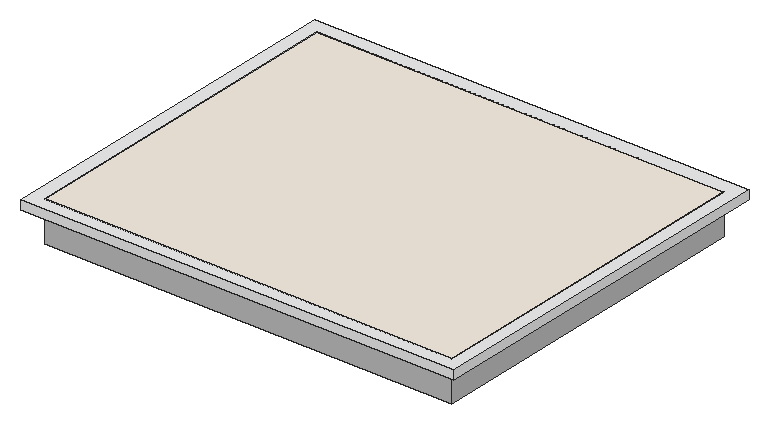
Revit family "Lighting-Industrial-GEWISS-ELIA-HL-LED_HIGHBAY", category Apparecchi per illuminazione, host Superficie, Revit 2019 (continued)
Parameters (values of type "GWF1001QM840 - ELIA HL L2 120° 4000K S.ALONE DALI")
    8 865.90 807.52 752.36 700.42 650.72 \r\n602.14 555.10 510.16 466.76 424.62 384.72 348.46 314.02 \r\n280.17 248.14 219.58 193.05 167.38 143.43 121.87 102.05 \r\n83.24 66.28 51.70 39.35 29.28 21.38 15.68 11.84 9.49 8.77 \r\n8142.40 8142.40 8142.40 8145.20 8145.20 8148.00 8149.40 \r\n8152.20 8155.00 8159.20 8163.40 8167.60 8173.20 8180.20 \r\n8185.80 8192.80 8199.80 8208.20 8216.60 8225.00 8234.80 \r\n8243.20 8251.60 8260.00 8269.80 8278.20 8286.60 8295.00 \r\n8303.40 8311.80 8318.80 8327.20 8335.60 8344.00 8352.40 \r\n8362.20 8370.60 8380.40 8390.20 8400.00 8411.20 8421.00 \r\n8432.20 8444.80 8457.40 8468.60 8482.60 8496.60 8510.60 \r\n8524.60 8538.60 8552.60 8566.60 8577.80 8589.00 8601.60 \r\n8612.80 8621.20 8629.60 8638.00 8646.40 8652.00 8656.20 \r\n8661.80 8664.60 8666.00 8667.40 8667.40 8666.00 8663.20 \r\n8660.40 8654.80 8646.40 8636.60 8626.80 8615.60 8601.60 \r\n8586.20 8569.40 8549.80 8528.80 8506.40 8482.60 8457.40 \r\n8429.40 8398.60 8367.80 8334.20 8300.60 8264.20 8223.60 \r\n8181.60 8135.40 8078.00 8013.60 7938.00 7854.00 7758.80 \r\n7655.20 7541.80 7424.20 7308.00 7189.00 7067.20 6937.00 \r\n6794.20 6641.60 6483.40 6316.80 6144.60 5966.80 5783.40 \r\n5597.20 5416.60 5240.20 5068.00 4900.00 4733.40 4569.60 \r\n4407.20 4246.20 4089.40 3936.80 3782.80 3634.40 3488.80 \r\n3346.00 3204.60 3067.40 2934.40 2807.00 2677.22 2550.52 \r\n2427.46 2308.32 2193.80 2082.22 1970.64 1862.00 1759.52 \r\n1660.12 1561.56 1465.80 1375.08 1288.70 1207.78 1131.34 \r\n1058.96 990.36 925.40 863.80 805.70 750.68 698.74 649.04 \r\n600.74 553.98 509.18 465.92 423.64 383.60 347.62 313.46 \r\n279.38 247.21 218.61 192.11 166.57 142.79 121.34 101.61 \r\n82.92 66.05 51.58 39.30 29.29 21.41 15.67 11.79 9.45 8.76 \r\n8142.40 8142.40 8142.40 8145.20 8145.20 8148.00 8149.40 \r\n8152.20 8155.00 8159.20 8163.40 8167.60 8173.20 8178.80 \r\n8187.20 8192.80 8201.20 8208.20 8216.60 8226.40 8234.80 \r\n8243.20 8251.60 8260.00 8269.80 8278.20 8286.60 8295.00 \r\n8303.40 8311.80 8320.20 8327.20 8335.60 8344.00 8352.40 \r\n8360.80 8370.60 8379.00 8390.20 8400.00 8411.20 8421.00 \r\n8432.20 8444.80 8456.00 8470.00 8481.20 8496.60 8510.60 \r\n8524.60 8540.00 8554.00 8566.60 8579.20 8590.40 8603.00 \r\n8612.80 8622.60 8631.00 8638.00 8646.40 8652.00 8656.20 \r\n8661.80 8664.60 8666.00 8668.80 8667.40 8666.00 8663.20 \r\n8659.00 8653.40 8646.40 8636.60 8625.40 8614.20 8600.20 \r\n8584.80 8568.00 8548.40 8528.80 8505.00 8482.60 8454.60 \r\n8426.60 8398.60 8367.80 8334.20 8299.20 8264.20 8225.00 \r\n8183.00 8135.40 8078.00 8013.60 7939.40 7858.20 7761.60 \r\n7658.00 7541.80 7424.20 7306.60 7189.00 7067.20 6937.00 \r\n6794.20 6640.20 6482.00 6315.40 6146.00 5969.60 5784.80 \r\n5600.00 5418.00 5241.60 5068.00 4900.00 4734.80 4571.00 \r\n4407.20 4246.20 4090.80 3936.80 3785.60 3635.80 3490.20 \r\n3347.40 3204.60 3066.00 2935.80 2807.00 2678.06 2550.24 \r\n2425.50 2304.68 2189.60 2078.02 1966.58 1858.50 1756.02 \r\n1656.76 1558.34 1462.86 1371.86 1285.62 1204.84 1128.68 \r\n1056.44 987.98 923.02 861.70 803.88 749.14 697.34 647.50 \r\n599.34 552.86 508.20 465.08 422.66 382.76 346.78 312.90 \r\n278.68 246.34 217.67 191.20 165.79 142.17 120.83 101.21 \r\n82.63 65.83 51.44 39.23 29.29 21.44 15.66 11.74 9.40 8.74 \r\n8142.40 8142.40 8142.40 8145.20 8145.20 8148.00 8149.40 \r\n8152.20 8155.00 8159.20 8162.00 8167.60 8173.20 8178.80 \r\n8187.20 8192.80 8201.20 8209.60 8218.00 8226.40 8234.80 \r\n8243.20 8251.60 8261.40 8271.20 8279.60 8288.00 8296.40 \r\n8303.40 8311.80 8320.20 8327.20 8335.60 8344.00 8352.40 \r\n8360.80 8370.60 8379.00 8390.20 8400.00 8409.80 8421.00 \r\n8432.20 8443.40 8456.00 8468.60 8482.60 8496.60 8510.60 \r\n8526.00 8540.00 8554.00 8568.00 8579.20 8591.80 8603.00 \r\n8614.20 8622.60 8631.00 8639.40 8645.00 8653.40 8657.60 \r\n8661.80 8664.60 8666.00 8668.80 8667.40 8666.00 8663.20 \r\n8657.60 8652.00 8646.40 8636.60 8625.40 8611.40 8598.80 \r\n8583.40 8566.60 8548.40 8527.40 8505.00 8481.20 8454.60 \r\n8426.60 8397.20 8365.00 8332.80 8299.20 8262.80 8225.00 \r\n8184.40 8136.80 8079.40 8013.60 7940.80 7859.60 7763.00 \r\n7658.00 7543.20 7424.20 7308.00 7189.00 7065.80 6935.60 \r\n6791.40 6640.20 6479.20 6315.40 6146.00 5969.60 5787.60 \r\n5601.40 5419.40 5240.20 5069.40 4901.40 4734.80 4571.00 \r\n4407.20 4247.60 4092.20 3938.20 3787.00 3635.80 3490.20 \r\n3347.40 3204.60 3066.00 2937.20 2808.40 2678.62 2549.96 \r\n2423.68 2301.46 2185.96 2073.96 1963.08 1855.42 1752.94 \r\n1653.82 1555.54 1460.20 1369.06 1282.68 1202.18 1126.30 \r\n1054.20 985.88 921.06 859.88 802.34 747.74 695.80 646.24 \r\n598.08 551.88 507.36 464.38 421.96 381.78 346.08 312.34 \r\n278.05 245.55 216.83 190.37 165.09 141.61 120.37 100.84 \r\n82.35 65.65 51.32 39.17 29.27 21.46 15.65 11.69 9.36 8.73 \r\n8142.40 8142.40 8142.40 8145.20 8145.20 8148.00 8148.00 \r\n8150.80 8155.00 8159.20 8162.00 8167.60 8173.20 8178.80 \r\n8187.20 8192.80 8201.20 8209.60 8218.00 8226.40 8234.80 \r\n8243.20 8251.60 8262.80 8271.20 8279.60 8288.00 8296.40 \r\n8304.80 8311.80 8318.80 8327.20 8335.60 8344.00 8352.40 \r\n8360.80 8369.20 8380.40 8390.20 8400.00 8409.80 8421.00 \r\n8432.20 8443.40 8456.00 8468.60 8482.60 8496.60 8512.00 \r\n8526.00 8540.00 8554.00 8568.00 8579.20 8591.80 8603.00 \r\n8614.20 8622.60 8631.00 8639.40 8646.40 8652.00 8657.60 \r\n8661.80 8666.00 8666.00 8668.80 8667.40 8666.00 8663.20 \r\n8657.60 8652.00 8645.00 8635.20 8624.00 8611.40 8597.40 \r\n8583.40 8566.60 8547.00 8526.00 8505.00 8481.20 8454.60 \r\n8426.60 8395.80 8365.00 8332.80 8297.80 8262.80 8226.40 \r\n8184.40 8136.80 8079.40 8015.00 7942.20 7861.00 7764.40 \r\n7660.80 7544.60 7425.60 7308.00 7187.60 7065.80 6934.20 \r\n6790.00 6637.40 6477.80 6314.00 6146.00 5972.40 5787.60 \r\n5602.80 5419.40 5240.20 5069.40 4901.40 4736.20 4571.00 \r\n4408.60 4249.00 4092.20 3939.60 3788.40 3637.20 3491.60 \r\n3348.80 3206.00 3066.00 2937.20 2809.80 2679.18 2549.82 \r\n2422.14 2298.52 2182.60 2070.74 1960.00 1852.62 1750.42 \r\n1651.30 1553.16 1457.82 1366.68 1280.30 1199.94 1124.20 \r\n1052.10 983.92 919.38 858.34 800.94 746.48 694.68 644.98 \r\n597.10 550.90 506.66 463.82 421.26 381.08 345.52 311.92 \r\n277.51 244.87 216.12 189.67 164.50 141.13 119.98 100.52 \r\n82.11 65.49 51.20 39.10 29.26 21.48 15.64 11.64 9.32 8.71 \r\n8142.40 8142.40 8142.40 8145.20 8145.20 8148.00 8148.00 \r\n8150.80 8156.40 8159.20 8162.00 8167.60 8173.20 8178.80 \r\n8187.20 8192.80 8201.20 8209.60 8218.00 8226.40 8234.80 \r\n8243.20 8251.60 8262.80 8271.20 8279.60 8288.00 8296.40 \r\n8304.80 8313.20 8318.80 8327.20 8335.60 8344.00 8352.40 \r\n8360.80 8369.20 8380.40 8388.80 8400.00 8411.20 8419.60 \r\n8430.80 8444.80 8456.00 8470.00 8484.00 8498.00 8512.00 \r\n8526.00 8540.00 8554.00 8568.00 8579.20 8593.20 8604.40 \r\n8612.80 8624.00 8632.40 8638.00 8646.40 8652.00 8657.60 \r\n8663.20 8666.00 8666.00 8668.80 8666.00 8666.00 8663.20 \r\n8657.60 8652.00 8643.60 8635.20 8624.00 8610.00 8596.00 \r\n8582.00 8565.20 8545.60 8526.00 8503.60 8481.20 8453.20 \r\n8425.20 8394.40 8363.60 8330.00 8296.40 8262.80 8226.40 \r\n8184.40 8136.80 8080.80 8016.40 7943.60 7859.60 7767.20 \r\n7660.80 7546.00 7425.60 7308.00 7187.60 7064.40 6935.60 \r\n6790.00 6636.00 6476.40 6314.00 6146.00 5972.40 5790.40 \r\n5602.80 5420.80 5241.60 5070.80 4902.80 4734.80 4572.40 \r\n4410.00 4247.60 4093.60 3939.60 3788.40 3640.00 3491.60 \r\n3348.80 3206.00 3066.00 2937.20 2811.20 2679.60 2549.40 \r\n2420.88 2296.28 2179.80 2068.08 1957.48 1850.52 1748.60 \r\n1649.48 1551.20 1456.28 1365.00 1278.48 1198.12 1122.80 \r\n1050.56 982.52 918.12 857.08 799.96 745.64 693.84 644.00 \r\n596.40 550.20 506.24 463.40 420.84 380.52 344.96 311.64 \r\n277.09 244.36 215.54 189.11 164.02 140.76 119.67 100.27 \r\n81.93 65.35 51.13 39.06 29.23 21.48 15.63 11.61 9.28 8.71 \r\n"
  built-in parameter 1150137 = (empty or 0)
  built-in parameter 1150132 = (empty or 0)
  Luminous flux in emerg. [lm] = ""
  Lumen output (lm) = "28000"
  Lamp = "LED"
  LUNGHEZZA FORO = 968.572 mm
  LED Life time (L80B50) = "L80 B50 (Tq25°) = 50.000h"
  LARGHEZZA_FORO = 820.364 mm
  built-in parameter 1150105 = 109.82 (stored number, unit not read)
  built-in parameter 1150102 = (empty or 0)
  Insulation class = "I"
  Installation = "Ceiling"
  built-in parameter 1150106 = 1.0982 (stored number, unit not read)
  Default Elevation = 1219.2 mm
  Produttore = "GEWISS S.p.A."
  Nome quadro [instance] = "330W"
  Model = "GWF1001QM840"
  L_lampada = 1500 mm
  Immagine tipo = ELIA_HL.jpg
  IP degree = "IP65"
  IDT = "cac31452-bafc-4473-b367-6af6b8d20e56"
  IDF = "ffbec63c-15cf-4fde-9937-e2bbef50eb56"
  Lumens = 1380 lm
  Color Filter = 16777215
  File diagramma fotometrico = "GWF1001QM840.IES"
  built-in parameter 1114217 = 1 (stored number, unit not read)
  built-in parameter 1150139 = (empty or 0)
  FORO_CONTROSOFFITTO = 80 mm  # constant formula
  Emit from Line Length = 609.6 mm
  Electrocod = ""
  Efficiency class of integrated LEDs = ""
  built-in parameter 1150104 = 13.8 (stored number, unit not read)
  EAN code = ""
  Driver type = ""
  Distanza dal host [instance] = 0 mm
  built-in parameter 1150115 = 1 (stored number, unit not read)
  built-in parameter 1150114 = 1 (stored number, unit not read)
  built-in parameter 1150113 = 1 (stored number, unit not read)
  Dimensions (mm) = "Standard"
  Description = "ELIA HL L2 120° 4000K S.ALONE DALI"
  Colour temperature: = "4000K"
  Colour temperature = "4000K"
  Colour = "Black"
  built-in parameter 1150134 = 12
  built-in parameter 1150138 = (empty or 0)
  Catalogue Range = "ELIA HL"
  Catalogue = "LIGHTING"
  COBie.Tagnumber = ""
  COBie.CreatedOn = ""
  COBie.CreatebBy = ""
  COBie.ComponentRegisterItemID = ""
  COBie.Component.TagNumber = ""
  COBie.Component.Space = ""
  COBie.Component.SerialNumber = ""
  COBie.Component.InstallationDate = ""
  COBie.Component.Description = ""
  COBie.Component.BarCode = ""
  BORDO = BORDO
  Application = "Indoor / Outdoor"
  Tilt Angle = -90.00°
  built-in parameter 1150133 = 10 (stored number, unit not read)
  Spostamento_y_effettivo_ET = 3500 mm
Reference planes
  plane 1 "Centro (Fronte/Retro)": y = 0
  plane 2: z = 0
  plane 3 "Centro (Sinistra/Destra)": x = 0
  plane 4: x = -3990
  plane 5: x = 10
  plane 6: x = 10
  plane 7: z = 1200
  plane 8: y = -4000
  plane 9: y = 0
  plane 10: x = -484.286
  plane 11: y = -410.182
  plane 12: x = 484.286
  plane 13: y = 410.182
  plane 14: z = -80
  plane 15: through (484.286, -410.182, 1219.2) normal (-0.5299, -0.848, 0)
  plane 16: through (-523.043, -410.182, 1219.2) normal (-0.866, 0.5, 0)
  plane 17: through (-493.043, 567.147, 1219.2) normal (0.309, 0.9511, 0)
  plane 18: through (454.286, 567.147, 1219.2) normal (0.9848, -0.1736, 0)
  plane 19: y = -247.252
  plane 20: y = -305.509
  plane 21: y = -363.766
  plane 22: y = -500
  plane 23: x = -245.872
Forms (mm)
  Extrusion 1, void
    sketch origin (0, 0, 0) x (1, 0, 0) y (0, 1, 0)
      loop
        line (-484.286, 410.182) -> (-484.286, -410.182) -> (484.286, -410.182) -> (484.286, 410.182) -> (-484.286, 410.182)
    from -80 to 0
Lines and regions (mm)
  symbolic lines, visible <- "Visibilità lampada in pianta"
    curve 1: line (-484.286, 410.182, 0) -> (484.286, 410.182, 0)
    curve 2: line (-484.286, -410.182, 0) -> (-484.286, 410.182, 0)
    curve 3: line (484.286, -410.182, 0) -> (-484.286, -410.182, 0)
    curve 4: line (484.286, 410.182, 0) -> (484.286, -410.182, 0)
    curve 5: line (-454.286, 380.182, 0) -> (454.286, 380.182, 0)
    curve 6: line (-454.286, -380.182, 0) -> (-454.286, 380.182, 0)
    curve 7: line (454.286, -380.182, 0) -> (-454.286, -380.182, 0)
    curve 8: line (454.286, 380.182, 0) -> (454.286, -380.182, 0)
  symbolic lines, visible <- "Visibilità lampada in pianta", not visible
    curve 9: line (-484.286, 410.182, 0) -> (484.286, 410.182, 0)
    curve 10: line (-484.286, -410.182, 0) -> (-484.286, 410.182, 0)
    curve 11: line (484.286, -410.182, 0) -> (-484.286, -410.182, 0)
    curve 12: line (484.286, 410.182, 0) -> (484.286, -410.182, 0)
    curve 13: line (-454.286, 380.182, 0) -> (454.286, 380.182, 0)
    curve 14: line (-454.286, -380.182, 0) -> (-454.286, 380.182, 0)
    curve 15: line (454.286, -380.182, 0) -> (-454.286, -380.182, 0)
    curve 16: line (454.286, 380.182, 0) -> (454.286, -380.182, 0)
Text (mm)
  text "N=C*V" at (704.329, 1512.981, 0), in view "Livello rif."
Dimensions and locks
  plane 4 to plane 3 "Centro (Sinistra/Destra)" = 3990 mm  (x2)
  "Spostamento_x_effettivo": plane 4 to plane 5
  "Spostamento_x_effettivo": plane 6 to plane 4
  plane 7 to plane 2 = 1200 mm
  "Spostamento_y_effettivo": plane 9 to plane 8
  plane 1 "Centro (Fronte/Retro)" to plane 8 = 4000 mm
  equal spacing: plane 10, plane 3 "Centro (Sinistra/Destra)", plane 12
  equal spacing: plane 13, plane 1 "Centro (Fronte/Retro)", plane 11
  "FORO_CONTROSOFFITTO": level to plane 14
  "LUNGHEZZA FORO": plane 10 to plane 12
  "LARGHEZZA_FORO": plane 13 to plane 11
  equal spacing: plane 19, plane 20, plane 21
  plane 13 to nested 4 = 610.791 mm
  "Spostamento_y_effettivo_ET": plane 22 to plane 8
  "Spostamento_x_effettivo_ET": plane 4 to plane 23
  angle plane 15 to plane 17 = 14.00°
  angle plane 16 to plane 17 = 102.00°
  angle plane 17 to nested 3 = 18.00°
  angle plane 18 to plane 15 = 68.00°  (x2)
  aligned and locked: plane 2 to host face
  aligned and locked: level to host face
  aligned and locked: nested 2 to plane 1 "Centro (Fronte/Retro)"
  aligned and locked: Extrusion 1 sketch curve to plane 10
  aligned and locked: Extrusion 1 sketch curve to plane 13
  aligned and locked: Extrusion 1 sketch curve to plane 12
  aligned and locked: Extrusion 1 sketch curve to plane 11
  aligned and locked: level to Extrusion 1
  aligned and locked: Extrusion 1 to plane 14
  aligned and locked: plane 3 "Centro (Sinistra/Destra)" to nested 3
  aligned and locked: nested 3 to plane 1 "Centro (Fronte/Retro)"
  aligned and locked: plane 6 to nested 4
  aligned and locked: nested 4 to plane 9
  aligned and locked: nested 1 to plane 22
  aligned and locked: plane 23 to nested 1
Automatic sketch dimensions
  host sketch curve to host sketch curve = 2438.4 mm  (x2)
Nested families
  nested 1: "Etichetta light" at (-245.872, -500, 0), visible <- "Visibilità etichetta", type "Etichetta light"
  nested 2: "SIMB_2D" at (0, 0, 110.443) x (0, 0, 1) z (1, 0, 0), visible <- "Visibilità simbolo", type "SIMB_2D"
  nested 3: "Elia WL base" at (0, 0, 0) x (1, 0, 0) z (0, 0, -1), type "Elia PL base"
  nested 4: "SIMB_2D" at (10, 0, 0), visible <- "Visibilità simbolo", type "SIMB_2D"
Definition of nested family "Elia WL base"
  Parameters (values of type "Elia PL base")
    sp_bordo = 9 mm  # constant formula
    posiz_3 = 2  # constant formula
    posiz2 = 1  # constant formula
    posiz = "A=b"
    diametro lampada = 45 mm
    SCHERMO LED = none
    Default Elevation = 1219.2 mm
    Lunghezza = 968.572 mm
    Larghezza = 820.364 mm
    L_lampada = 1500 mm
    H_SCOCCA = 70.705 mm
    Corpo centrale = none
    Bordo = 30 mm
    BORDO = none
  Reference planes
    plane 1 "Centro (Fronte/Retro)": y = 0
    plane 2: z = 0
    plane 3 "Centro (Sinistra/Destra)": x = 0
    plane 4: z = 9
    plane 5: x = -484.286
    plane 6: y = -410.182
    plane 7: x = 484.286
    plane 8: y = 410.182
    plane 9: x = -454.286
    plane 10: y = 380.182
    plane 11: x = 454.286
    plane 12: y = -380.182
    plane 13: z = 90.705
    plane 14: through (-401.838, -155.306, 1200) normal (0.766, 0.6428, 0)
    plane 15: through (447.234, 447.234, 1200) normal (-0.7071, -0.7071, 0)
  Forms (mm)
    Extrusion 1, solid, material <- "BORDO"
      sketch origin (0, 0, 0) x (1, 0, 0) y (0, 1, 0)
        loop
          line (-484.286, 410.182) -> (-484.286, -410.182) -> (484.286, -410.182) -> (484.286, 410.182) -> (-484.286, 410.182)
        loop
          line (-454.286, 380.182) -> (-454.286, -380.182) -> (454.286, -380.182) -> (454.286, 380.182) -> (-454.286, 380.182)
      from 0 to 20
    Extrusion 2, solid, material <- "Corpo centrale"
      sketch origin (0, 0, 0) x (1, 0, 0) y (0, 1, 0)
        loop
          line (-454.286, 380.182) -> (-454.286, -380.182) -> (454.286, -380.182) -> (454.286, 380.182) -> (-454.286, 380.182)
      from 20 to 90.705
    Extrusion 3, solid, material <- "SCHERMO LED"
      sketch origin (0, 0, 0) x (1, 0, 0) y (0, 1, 0)
        loop
          line (-454.286, 380.182) -> (-454.286, -380.182) -> (454.286, -380.182) -> (454.286, 380.182) -> (-454.286, 380.182)
      from 0 to 9
  Text (mm)
    text "A=B*C" at (-489.712, -178.321, 0), in view "Livello rif."
    text "A=B*C" at (-129.701, -394.637, 0), in view "Livello rif."
  Dimensions and locks
    equal spacing: plane 5, plane 3 "Centro (Sinistra/Destra)", plane 7
    equal spacing: plane 8, plane 1 "Centro (Fronte/Retro)", plane 6
    "Bordo": plane 12 to plane 6
    "Bordo": plane 11 to plane 7
    "Bordo": plane 8 to plane 10
    "Bordo": plane 5 to plane 9
    "Lunghezza": plane 5 to plane 7
    "Larghezza": plane 8 to plane 6
    "sp_bordo": plane 4 to plane 2
    "H_SCOCCA": plane 13 to Extrusion 1
    plane 13 to plane 4 = 81.705 mm
    angle plane 7 to plane 15 = 45.00°
    angle plane 15 to plane 8 = 45.00°
    angle plane 14 to plane 12 = 50.00°
    angle plane 3 "Centro (Sinistra/Destra)" to plane 14 = 40.00°
    aligned and locked: level to plane 2
    aligned and locked: Extrusion 1 sketch curve to plane 8
    aligned and locked: Extrusion 1 sketch curve to plane 5
    aligned and locked: Extrusion 1 sketch curve to plane 6
    aligned and locked: Extrusion 1 sketch curve to plane 7
    aligned and locked: Extrusion 1 sketch curve to plane 10
    aligned and locked: Extrusion 1 sketch curve to plane 9
    aligned and locked: Extrusion 1 sketch curve to plane 12
    aligned and locked: Extrusion 1 sketch curve to plane 11
    aligned and locked: Extrusion 2 sketch curve to plane 9
    aligned and locked: Extrusion 2 sketch curve to plane 12
    aligned and locked: Extrusion 2 sketch curve to plane 11
    aligned and locked: Extrusion 2 sketch curve to plane 10
    aligned and locked: Extrusion 2 to plane 13
    aligned and locked: Extrusion 2 to Extrusion 1
    aligned and locked: Extrusion 3 sketch curve to plane 9
    aligned and locked: Extrusion 3 sketch curve to plane 10
    aligned and locked: Extrusion 3 sketch curve to plane 12
    aligned and locked: Extrusion 3 sketch curve to plane 11
    aligned and locked: plane 4 to Extrusion 3
Definition of nested family "Etichetta light"
  Parameters (values of type "ETICHETTA LIGHT")
    COMMENTI = "330W"
  Reference planes
    plane 1: y = 0
    plane 2: x = 0
  Text (mm)
    label "COMMENTI" at (-0.057, 0.105, 0), shows "COMMENTI"
Definition of nested family "SIMB_2D"
  Reference planes
    plane 1 "Centro (Fronte/Retro)": y = 0
    plane 2: z = 0
    plane 3 "Centro (Sinistra/Destra)": x = 0
  Lines and regions (mm)
    model lines, in view "Livello rif."
      curve 1: line (40.061, -50.885, 0) -> (-61.536, -0.304, 0)
      curve 2: line (-61.536, -0.304, 0) -> (40.061, 50.885, 0)
      curve 3: line (40.061, 50.885, 0) -> (40.061, -50.885, 0)
      curve 4: line (-61.536, 50.581, 0) -> (-61.536, -51.189, 0)
      curve 5: line (-123.556, -0.304, 0) -> (-61.536, -0.304, 0)
      curve 6: line (40.061, 0, 0) -> (106.558, 0, 0)
      curve 7: line (189.411, 200, 0) -> (189.411, -200.609, 0)
      curve 8: line (189.411, -200.609, 0) -> (-211.197, -200.609, 0)
      curve 9: line (-211.197, -200.609, 0) -> (-211.197, 200, 0)
      curve 10: line (-211.197, 200, 0) -> (189.411, 200, 0)
      curve 11: line (-161.032, -0.304, 0) -> (-161.032, 149.835, 0)
      curve 12: line (-161.032, 149.835, 0) -> (139.246, 149.835, 0)
      curve 13: line (139.246, 149.835, 0) -> (139.246, -150.444, 0)
      curve 14: line (139.246, -150.444, 0) -> (-161.032, -150.444, 0)
      curve 15: line (-161.032, -150.444, 0) -> (-161.032, -0.304, 0)
